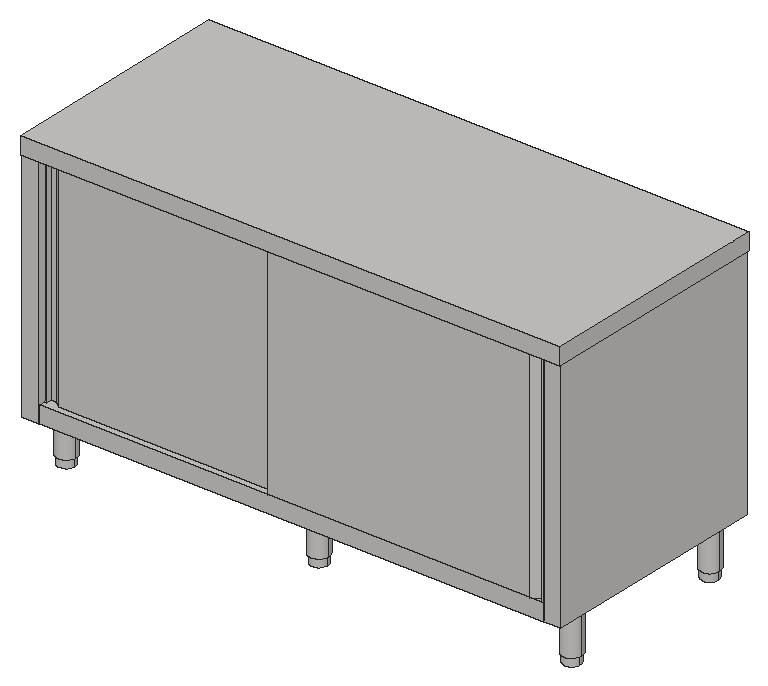
Revit family "QF_ELECTROLUXPROFESSIONAL_132859_MS1607N", category Attrezzature speciali, Revit 2020
Family settings
  Quota connettore circolare = Usa diametro
  Tipo di parte = Normale
  Basato su piano di lavoro = No
  Sempre verticale = Sì
  Taglio con vuoti quando caricato = No
  Condiviso = No
  Punto di calcolo locali = No
Parameters (values of type "Standard")
  Weight = 65.00 kg
  Watts = 0 W
  Volts = 0 V
  URL Manufacturer = "https://www.electroluxprofessional.com/"
  URL = "https://www.electroluxprofessional.com/"
  Steam Supply Size = 0 mm
  Steam Supply Minimum Pressure = 0.0 Pa
  Steam Supply Maximum Pressure = 0.0 Pa
  Steam Consumption per Hour = 0
  Refrigeration Suction Line Size = 0.0 mm
  Refrigeration Liquid Line Size = 0.0 mm
  Refrigerant Compressor Remote = yes
  Prospetto di default = 0.0 mm
  Produttore = "Electrolux Professional"
  Phase = 0
  Modello = "MS1607N"
  Length Actual = 1600.0 mm  # constant formula
  Item Number = "132859"
  Hot Water Size = 0 mm
  Height Actual = 900.0 mm  # constant formula
  HP = "0 HP"
  Gas Size = 0 mm
  Gas KW = 0
  Gas Input Pressure = 0 W
  Direct Waste Size = 0 mm
  Descrizione = "WORKTOP CUPBOARD 1600MM"
  Depth Actual = 700.0 mm  # constant formula
  Cycle = 0 Hz
  Condensate Return Size = 0 mm
  Compressed Air Volume = 0.0 L/s
  Compressed Air Size = 0 mm
  Compressed Air Pressure = 0.0 Pa
  Cold Water Size = 0 mm
  Accessory = yes
Reference planes
  plane 1 "Center (Front/Back)": y = 0
  plane 2: z = 0
  plane 3 "Center (Left/Right)": x = -300
  plane 4 "LEFT": x = -1100
  plane 5 "RIGHT": x = 500
  plane 6 "BACK": y = 350
  plane 7 "FRONT": y = -350
  plane 8 "Base": z = 850
  plane 9 "TOP": z = 900
  plane 10: x = -1050
  plane 11: x = 450
  plane 12: y = 270
  plane 13: y = -241.9
  plane 14 "BodyLeft": x = -1099
  plane 15 "BodyFront": y = -344.5
  plane 16 "BodyRight": x = 499
  plane 17 "BodyBack": y = 344.5
  plane 18 "FEET": z = 150
  plane 19: x = -230
  plane 20: x = -370
Forms (mm)
  Extrusion 1, solid, material "QF_Finishes_Stainless Steel"
    sketch origin (-300, 0, 0) x (0, 1, 0) y (0, 0, 1)
      loop
        line (-350, 850) -> (350, 850) -> (350, 900) -> (-350, 900) -> (-350, 850)
    from 800 to -800
  Extrusion 2, solid, material "QF_Finishes_Stainless Steel"
    sketch origin (0, 0, 150) x (-1, 0, 0) y (0, -1, 0)
      loop
        line (1099, -344.5) -> (1099, 344.5) -> (1049, 344.5) -> (1049, -344.5) -> (1099, -344.5)
      loop
        line (-449, -344.5) -> (-449, 344.5) -> (-499, 344.5) -> (-499, -344.5) -> (-449, -344.5)
    from 0 to 700
  Extrusion 3, solid, material "QF_Finishes_Stainless Steel"
    sketch origin (0, 0, 150) x (-1, 0, 0) y (0, -1, 0)
      loop
        line (1046.685, -344.5) -> (1046.685, 344.5) -> (-447.6, 344.5) -> (-447.6, -344.5) -> (1046.685, -344.5)
    from 0 to 50
  Extrusion 4, solid, material "QF_Finishes_Stainless Steel"
    sketch origin (0, 0, 150) x (-1, 0, 0) y (0, -1, 0)
      loop
        line (1046.685, -344.5) -> (1046.685, -294.5) -> (-447.6, -294.5) -> (-447.6, -344.5) -> (1046.685, -344.5)
    from 50 to 700
  Extrusion 5, solid, material "QF_Finishes_Stainless Steel"
    sketch origin (0, 0, 150) x (-1, 0, 0) y (0, -1, 0)
      loop
        line (-447.6, 344.5) -> (-447.6, 324.5) -> (370, 324.5) -> (370, 344.5) -> (-407.6, 344.5) -> (-427.6, 329.5) -> (-442.6, 329.5) -> (-442.6, 344.5) -> (-447.6, 344.5)
    from 50 to 700
  Extrusion 6, solid, material "QF_Finishes_Stainless Steel"
    sketch origin (0, 20, 150) x (1, 0, 0) y (0, 1, 0)
      loop
        line (-1047.6, -344.5) -> (-1042.6, -344.5) -> (-1042.6, -329.5) -> (-1027.6, -329.5) -> (-1007.6, -344.5) -> (-230, -344.5) -> (-230, -324.5) -> (-1047.6, -324.5) -> (-1047.6, -344.5)
    from 50 to 700
Lines and regions (mm)
  symbolic lines
    curve 1: line (500, 350, 900) -> (-1100, 350, 900)
    curve 2: line (-1100, 350, 900) -> (-1100, -350, 900)
    curve 3: line (-1100, -350, 900) -> (500, -350, 900)
    curve 4: line (500, -350, 900) -> (500, 350, 900)
  symbolic lines, style "SpecialityEquipmentHiddenLines"
    curve 5: line (-1099, 344.5, 150) -> (499, 344.5, 150)
    curve 6: line (-1099, -344.5, 150) -> (-1099, 344.5, 150)
    curve 7: line (499, -344.5, 150) -> (-1099, -344.5, 150)
    curve 8: line (499, 344.5, 150) -> (499, -344.5, 150)
    curve 9: line (-1047.6, -304.5, 150) -> (-230, -304.5, 150)
    curve 10: line (-230, -304.5, 150) -> (-230, -324.5, 150)
    curve 11: line (-1047.6, -324.5, 150) -> (447.6, -324.5, 150)
    curve 12: line (447.6, -324.5, 150) -> (447.6, -344.5, 150)
    curve 13: line (-370, -324.5, 150) -> (-370, -344.5, 150)
    curve 14: line (-1047.6, -304.5, 150) -> (-1047.6, -324.5, 150)
Dimensions and locks
  plane 4 "LEFT" to plane 5 "RIGHT" = 1600.0 mm
  equal spacing: plane 4 "LEFT", plane 3 "Center (Left/Right)", plane 5 "RIGHT"
  locked: plane 8 "Base" to level at 850
  plane 9 "TOP" to level = 900.0 mm
  plane 6 "BACK" to plane 7 "FRONT" = 700.0 mm
  equal spacing: plane 6 "BACK", plane 1 "Center (Front/Back)", plane 7 "FRONT"
  locked: plane 4 "LEFT" to plane 14 "BodyLeft" at 1
  locked: plane 16 "BodyRight" to plane 5 "RIGHT" at 1
  locked: plane 15 "BodyFront" to plane 7 "FRONT" at 5.5
  locked: plane 6 "BACK" to plane 17 "BodyBack" at 5.5
  locked: plane 14 "BodyLeft" to plane 10 at 49
  locked: plane 11 to plane 16 "BodyRight" at 49
  locked: plane 13 to plane 15 "BodyFront" at 102.6
  locked: plane 17 "BodyBack" to plane 12 at 74.5
  plane 10 to plane 11 = 1500.0 mm
  plane 12 to plane 13 = 511.9 mm
  locked: plane 14 "BodyLeft" to Extrusion 2 sketch curve at 50
  locked: Extrusion 2 sketch curve to Extrusion 2 sketch curve at 50
  Extrusion 3 to Extrusion 4 sketch curve = 50.0 mm
  locked: plane 3 "Center (Left/Right)" to plane 19 at 70
  locked: plane 20 to plane 3 "Center (Left/Right)" at 70
  locked: plane 18 "FEET" to level at 150
  aligned and locked: level to plane 2
  aligned and locked: plane 10 to nested 1
  aligned and locked: nested 1 to plane 13
  aligned and locked: plane 11 to nested 2
  aligned and locked: nested 2 to plane 13
  aligned and locked: plane 11 to nested 4
  aligned and locked: nested 4 to plane 12
  aligned and locked: plane 10 to nested 3
  aligned and locked: nested 3 to plane 12
  aligned and locked: Extrusion 1 to plane 4 "LEFT"
  aligned and locked: plane 5 "RIGHT" to Extrusion 1
  aligned and locked: curve 2 to plane 4 "LEFT"
  aligned and locked: plane 17 "BodyBack" to Extrusion 2 sketch curve
  aligned and locked: Extrusion 2 sketch curve to plane 15 "BodyFront"
  aligned and locked: Extrusion 2 sketch curve to plane 14 "BodyLeft"
  aligned and locked: plane 16 "BodyRight" to Extrusion 2 sketch curve
  aligned and locked: Extrusion 2 sketch curve to plane 17 "BodyBack"
  aligned and locked: plane 15 "BodyFront" to Extrusion 2 sketch curve
  aligned and locked: Extrusion 3 sketch curve to plane 17 "BodyBack"
  aligned and locked: plane 15 "BodyFront" to Extrusion 3 sketch curve
  aligned and locked: plane 8 "Base" to Extrusion 2
  aligned and locked: Extrusion 4 sketch curve to Extrusion 3
  aligned and locked: plane 8 "Base" to Extrusion 5
  aligned and locked: Extrusion 5 to Extrusion 3
  aligned and locked: Extrusion 6 sketch curve to plane 19
  aligned and locked: Extrusion 5 sketch curve to plane 20
  aligned and locked: Extrusion 1 to plane 8 "Base"
  aligned and locked: plane 9 "TOP" to Extrusion 1
  aligned and locked: curve 5 to plane 17 "BodyBack"
  aligned and locked: plane 14 "BodyLeft" to curve 6
  aligned and locked: plane 15 "BodyFront" to curve 7
  aligned and locked: plane 16 "BodyRight" to curve 8
  aligned and locked: plane 3 "Center (Left/Right)" to nested 5
  aligned and locked: plane 3 "Center (Left/Right)" to nested 6
Automatic sketch dimensions
  curve 3 to plane 7 "FRONT" = 0.0 mm
  curve 4 to plane 6 "BACK" = 0.0 mm
  Extrusion 1 sketch curve to plane 7 "FRONT" = 0.0 mm
  plane 9 "TOP" to Extrusion 1 sketch curve = 0.0 mm
  Extrusion 1 sketch curve to plane 6 "BACK" = 0.0 mm
  Extrusion 1 sketch curve to plane 8 "Base" = 0.0 mm
  Extrusion 5 sketch curve to plane 15 "BodyFront" = 0.0 mm  (x2)
  Extrusion 5 sketch curve to plane 11 = 2.4 mm
  Extrusion 5 sketch curve to Extrusion 5 sketch curve = 5.0 mm
  Extrusion 5 sketch curve to Extrusion 5 sketch curve = 15.0 mm
  Extrusion 5 sketch curve to Extrusion 5 sketch curve = 20.0 mm
  plane 15 "BodyFront" to Extrusion 5 sketch curve = 15.0 mm
  plane 15 "BodyFront" to Extrusion 5 sketch curve = 20.0 mm
  Extrusion 6 sketch curve to plane 15 "BodyFront" = 20.0 mm  (x2)
  Extrusion 6 sketch curve to plane 10 = 2.4 mm
  Extrusion 6 sketch curve to Extrusion 6 sketch curve = 5.0 mm
  Extrusion 6 sketch curve to Extrusion 6 sketch curve = 15.0 mm
  Extrusion 6 sketch curve to Extrusion 6 sketch curve = 20.0 mm  (x2)
  Extrusion 6 sketch curve to plane 15 "BodyFront" = 35.0 mm
  Extrusion 3 sketch curve to plane 11 = 2.4 mm
  plane 10 to Extrusion 3 sketch curve = 3.315 mm
  Extrusion 4 sketch curve to plane 11 = 2.4 mm
  plane 10 to Extrusion 4 sketch curve = 3.315 mm
  curve 10 to plane 19 = 0.0 mm
  curve 13 to plane 20 = 0.0 mm
  curve 11 to plane 11 = 2.4 mm
  plane 15 "BodyFront" to curve 9 = 40.0 mm
  curve 12 to curve 12 = 20.0 mm
  plane 10 to curve 14 = 2.4 mm
  curve 4 to plane 5 "RIGHT" = 0.0 mm
Nested families
  nested 1: "FEET_D58-150" at (-1050, -241.9, 0), type "FEET_D58-150"
  nested 2: "FEET_D58-150" at (450, -241.9, 0), type "FEET_D58-150"
  nested 3: "FEET_D58-150" at (-1050, 270, 0), type "FEET_D58-150"
  nested 4: "FEET_D58-150" at (450, 270, 0), type "FEET_D58-150"
  nested 5: "FEET_D58-150" at (-300, -241.9, 0), type "FEET_D58-150"
  nested 6: "FEET_D58-150" at (-300, 270, 0), type "FEET_D58-150"
Definition of nested family "FEET_D58-150"
  Parameters
    Default Elevation = 0.0 mm
    FEET = 150.0 mm
  Reference planes
    plane 1 "Center (Front/Back)": y = 0
    plane 2: z = 0
    plane 3 "Center (Left/Right)": x = 0
    plane 4: z = 150
  Forms (mm)
    Extrusion 1, solid
      sketch origin (0, 0, 0) x (1, 0, 0) y (0, 1, 0)
        loop
          circle (0, 0) r 25
      from 0 to 25
    Extrusion 2, solid
      sketch origin (0, 0, 0) x (1, 0, 0) y (0, 1, 0)
        loop
          circle (0.061, 0) r 29
      from 25 to 150 <- "FEET"
  Lines and regions (mm)
    symbolic lines
      curve 1: line (0, -1.503, 0) -> (0, 1.508, 0)
      curve 2: line (1.561, 0, 0) -> (-1.439, 0, 0)
  Dimensions and locks
    "FEET": plane 4 to plane 2
    aligned and locked: level to plane 2
  Automatic sketch dimensions
    plane 1 "Center (Front/Back)" to Extrusion 1 sketch curve = 0.0 mm
    Extrusion 1 sketch curve to plane 3 "Center (Left/Right)" = 0.0 mm
    plane 1 "Center (Front/Back)" to curve 2 = 0.0 mm
    curve 1 to plane 3 "Center (Left/Right)" = 0.0 mm
    curve 2 to plane 3 "Center (Left/Right)" = 1.439 mm
    plane 3 "Center (Left/Right)" to curve 2 = 1.561 mm
    plane 1 "Center (Front/Back)" to curve 1 = 1.503 mm
    curve 1 to plane 1 "Center (Front/Back)" = 1.508 mm
    plane 1 "Center (Front/Back)" to Extrusion 2 sketch curve = 0.0 mm
    plane 3 "Center (Left/Right)" to Extrusion 2 sketch curve = 0.061 mm
    radius of Extrusion 1 sketch curve = 25.0 mm
    radius of Extrusion 2 sketch curve = 29.0 mm
